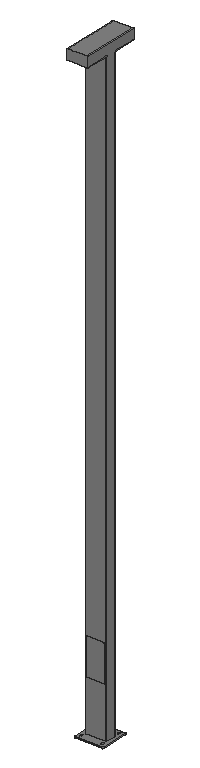
Revit family "Супремус В", category Осветительные приборы, Revit 2019 (continued)
Types (7, lengths in mm): name | Файл фотометрической сетки | built-in parameter 1150105 | Lumens | built-in parameter 1150106 | built-in parameter 1150142 | Wattage | L_общая рассеиватели | ADSK_Фактическая мощность | ADSK_Размер_Высота | ADSK_Номинальная мощность | ADSK_Наименование | ADSK_Масса_Текст | ADSK_Масса | ADSK_Артикул | 2
    8 347.2 349.5 351.6 354.0 356.9 359.7\r\n 362.4 365.6 367.8 369.4 372.0 374.4 376.6 378.5 380.1 381.7 383.1 385.2 387.4 389.4 391.3 393.3 395.2 396.7 398.3 399.2 400.1\r\n 401.1 402.0 403.6 405.2 407.2 409.2 410.2 411.7 413.4 414.7 416.0 417.0 417.8 417.8 416.8 414.8 412.3 410.0 407.1 403.0 397.9\r\n 392.1 385.6 378.3 370.7 363.5 356.1 349.1 342.8 337.4 332.5 328.5 324.8 320.4 315.5 310.0 305.0 299.7 293.1 284.6 273.4 260.3\r\n 245.3 228.2 208.9 188.3 167.9 149.8 132.5 115.7 99.6 82.5 64.0 51.6 39.5 31.9 26.4 22.1 19.3 17.1 15.5 14.0 12.6 11.3 10.3 9.3\r\n 8.4 7.6 6.8 6.2 5.6 5.1 4.4 3.9 3.6 3.2 2.8 2.4 2.2 1.9 1.6 1.3 1.2 0.9 0.8 0.7 0.6 0.6 0.6 0.7 0.7 0.7 0.7 0.7 0.7 0.8 0.0 0.0\r\n 0.0 0.0 0.0 0.0 0.0 0.0 0.0 0.0 0.0 0.0 0.0 0.0 0.0 0.0 0.0 0.0 0.0 0.0 0.0 0.0 0.0 0.0 0.0 0.0 0.0 0.0 0.0 0.0 0.0 0.0 0.0 0.0\r\n 0.0 0.0 0.0 0.0 0.0 0.0 0.0 0.0 0.0 0.0 0.0 0.0 0.0 0.0 0.0 0.0 0.0 0.0 0.0 0.0 0.0 0.0 0.0 0.0 0.0 0.0 0.0 0.0 0.0 0.0 0.0 0.0\r\n 0.0 0.0 0.0 0.0 0.0 0.0 0.0 0.0 0.0 0.0 0.0 0.0 0.0 0.0 0.0 0.0 0.0 0.0 0.0 0.0 0.0 0.0 0.0 0.0 0.0 0.0 0.0 0.0 0.0 0.0 0.0 0.0\r\n 0.0 0.0 0.0 0.0 0.0 0.0 0.0 0.0 0.0 0.0 0.0 0.0 0.0 0.0 0.0 0.0 0.0 0.0 0.0 0.0 0.0 0.0 0.0 0.0 0.0 0.0 0.0 0.0 0.0 0.0 0.0 0.0\r\n 0.0 0.0 0.0 0.0 0.0 0.0 0.0 0.0 0.0 0.0 0.0 0.0 0.0 0.0 0.0 0.0 0.0 0.0 0.0 0.0 0.0 0.0 0.0 0.0 0.0 0.0 0.0 0.0 0.0 0.0\r\n275.6 275.9 275.9 275.9 276.1 276.2 276.1 276.0 275.6 275.4 275.3 274.9 274.7 274.4 274.1 273.9 273.5 273.1 272.7 272.5 272.2\r\n 271.9 271.8 271.5 271.3 271.2 271.0 270.9 271.0 270.9 271.1 271.3 271.5 271.8 272.3 272.7 273.5 273.9 274.7 275.3 276.3 277.2\r\n 277.9 278.9 280.0 281.0 282.0 283.2 284.2 285.2 286.5 287.6 288.8 290.0 291.1 292.4 293.7 295.0 296.4 297.6 299.1 300.6 302.0\r\n 303.6 305.0 306.7 308.3 310.0 311.8 313.6 315.4 317.0 319.0 320.9 322.9 324.9 327.0 328.8 330.8 332.9 335.0 337.3 339.9 342.5\r\n 344.8 347.5 349.7 350.2 352.0 353.9 355.1 356.5 357.5 358.5 359.3 360.6 362.1 363.6 365.1 366.6 368.0 369.8 371.6 372.9 374.0\r\n 374.7 376.0 377.3 378.9 380.4 381.5 382.5 383.8 385.1 386.3 386.8 387.7 388.6 389.1 389.2 388.7 387.5 386.3 384.6 382.1 378.5\r\n 374.1 368.3 362.7 357.3 351.5 345.7 340.1 334.9 329.5 323.9 319.0 314.5 309.7 305.3 300.4 295.4 289.8 282.5 273.4 262.4 249.6\r\n 235.5 219.0 200.0 180.6 161.7 144.4 127.0 109.6 93.3 75.9 58.4 44.9 34.5 26.9 21.5 17.7 15.4 13.7 12.3 11.1 10.0 9.0 8.2 7.4 6.8\r\n 6.2 5.7 5.2 4.8 4.4 3.9 3.5 3.2 2.8 2.5 2.2 2.0 1.8 1.5 1.4 1.2 1.0 0.8 0.8 0.7 0.7 0.7 0.7 0.8 0.8 0.8 0.8 0.8 0.8 0.0 0.0 0.0\r\n 0.0 0.0 0.0 0.0 0.0 0.0 0.0 0.0 0.0 0.0 0.0 0.0 0.0 0.0 0.0 0.0 0.0 0.0 0.0 0.0 0.0 0.0 0.0 0.0 0.0 0.0 0.0 0.0 0.0 0.0 0.0 0.0\r\n 0.0 0.0 0.0 0.0 0.0 0.0 0.0 0.0 0.0 0.0 0.0 0.0 0.0 0.0 0.0 0.0 0.0 0.0 0.0 0.0 0.0 0.0 0.0 0.0 0.0 0.0 0.0 0.0 0.0 0.0 0.0 0.0\r\n 0.0 0.0 0.0 0.0 0.0 0.0 0.0 0.0 0.0 0.0 0.0 0.0 0.0 0.0 0.0 0.0 0.0 0.0 0.0 0.0 0.0 0.0 0.0 0.0 0.0 0.0 0.0 0.0 0.0 0.0 0.0 0.0\r\n 0.0 0.0 0.0 0.0 0.0 0.0 0.0 0.0 0.0 0.0 0.0 0.0 0.0 0.0 0.0 0.0 0.0 0.0 0.0 0.0 0.0 0.0 0.0 0.0 0.0 0.0 0.0 0.0 0.0 0.0 0.0 0.0\r\n 0.0 0.0 0.0 0.0 0.0 0.0 0.0 0.0 0.0 0.0 0.0 0.0 0.0 0.0 0.0 0.0 0.0 0.0 0.0 0.0 0.0 0.0 0.0 0.0 0.0 0.0 0.0 0.0 0.0\r\n275.6 275.5 275.4 275.2 275.1 274.8 274.6 274.2 273.9 273.4 273.0 272.6 272.0 271.5 271.0 270.5 269.9 269.4 269.0 268.4 267.9\r\n 267.5 267.0 266.7 266.4 266.0 265.5 265.3 265.1 264.8 264.7 264.8 264.8 265.0 265.3 265.5 265.9 266.4 266.8 267.3 268.0 268.9\r\n 269.6 270.4 271.2 271.9 272.7 273.8 274.8 275.8 276.9 277.9 279.0 280.1 281.4 282.4 283.5 284.8 286.2 287.5 288.8 290.0 291.5\r\n 293.0 294.1 295.7 297.2 298.7 300.0 301.6 303.2 304.6 306.1 307.7 309.3 311.1 312.7 314.3 315.6 317.0 318.5 320.1 321.9 323.2\r\n 325.1 326.5 328.9 329.6 330.9 332.8 333.4 334.5 335.4 336.1 336.4 337.5 338.5 339.7 340.8 342.3 343.7 345.0 346.3 347.5 348.4\r\n 349.4 350.3 351.4 352.5 353.0 353.4 354.0 354.5 354.8 355.1 355.5 355.2 355.3 355.7 355.8 355.7 355.4 354.7 353.4 352.1 349.8\r\n 346.1 341.5 337.2 332.5 328.3 323.6 319.3 316.1 311.5 306.3 301.9 296.6 291.7 286.0 280.4 274.6 268.5 262.0 253.9 244.5 233.3\r\n 221.2 207.7 192.1 176.5 159.7 142.6 125.5 108.4 91.4 75.0 57.3 42.7 31.6 24.1 18.5 15.1 13.1 11.7 10.6 9.6 8.7 7.9 7.3 6.6 6.1\r\n 5.6 5.1 4.6 4.2 3.7 3.2 2.9 2.7 2.4 2.2 2.1 2.0 1.9 1.7 1.5 1.4 1.2 1.0 1.0 0.9 0.9 0.9 1.0 1.0 1.0 1.1 1.1 1.1 1.2 0.0 0.0 0.0\r\n 0.0 0.0 0.0 0.0 0.0 0.0 0.0 0.0 0.0 0.0 0.0 0.0 0.0 0.0 0.0 0.0 0.0 0.0 0.0 0.0 0.0 0.0 0.0 0.0 0.0 0.0 0.0 0.0 0.0 0.0 0.0 0.0\r\n 0.0 0.0 0.0 0.0 0.0 0.0 0.0 0.0 0.0 0.0 0.0 0.0 0.0 0.0 0.0 0.0 0.0 0.0 0.0 0.0 0.0 0.0 0.0 0.0 0.0 0.0 0.0 0.0 0.0 0.0 0.0 0.0\r\n 0.0 0.0 0.0 0.0 0.0 0.0 0.0 0.0 0.0 0.0 0.0 0.0 0.0 0.0 0.0 0.0 0.0 0.0 0.0 0.0 0.0 0.0 0.0 0.0 0.0 0.0 0.0 0.0 0.0 0.0 0.0 0.0\r\n 0.0 0.0 0.0 0.0 0.0 0.0 0.0 0.0 0.0 0.0 0.0 0.0 0.0 0.0 0.0 0.0 0.0 0.0 0.0 0.0 0.0 0.0 0.0 0.0 0.0 0.0 0.0 0.0 0.0 0.0 0.0 0.0\r\n 0.0 0.0 0.0 0.0 0.0 0.0 0.0 0.0 0.0 0.0 0.0 0.0 0.0 0.0 0.0 0.0 0.0 0.0 0.0 0.0 0.0 0.0 0.0 0.0 0.0 0.0 0.0 0.0 0.0\r\n275.6 275.2 274.8 274.5 274.1 273.7 273.3 272.7 272.1 271.5 270.9 270.2 269.6 268.8 268.0 267.4 266.7 265.9 265.2 264.6 263.9\r\n 263.2 262.7 262.0 261.5 261.0 260.2 259.7 259.3 258.9 258.5 258.2 258.0 257.8 257.9 258.0 258.2 258.5 258.9 259.3 259.7 260.2\r\n 260.6 261.2 261.9 262.6 263.6 264.3 265.1 265.9 266.7 267.6 268.7 269.6 270.4 271.4 272.4 273.6 274.5 275.5 276.7 277.8 278.9\r\n 279.9 281.0 281.9 283.0 284.2 285.3 286.6 287.9 289.1 290.4 291.6 293.0 294.4 295.7 297.0 298.1 299.3 300.3 301.6 303.1 304.5\r\n 305.7 306.4 307.5 308.5 308.8 310.2 310.4 310.8 311.3 311.7 311.7 311.9 312.4 312.9 313.4 314.1 314.9 315.7 316.7 317.8 318.6\r\n 319.6 320.7 321.8 323.0 323.9 324.8 325.4 325.7 325.9 325.9 325.7 325.2 324.1 323.4 322.7 322.4 321.9 321.7 320.8 320.2 318.7\r\n 316.2 312.5 308.6 304.5 300.4 296.1 291.9 288.4 284.8 280.5 276.1 270.5 265.2 259.7 254.2 248.0 241.8 235.6 229.7 222.5 213.7\r\n 203.0 191.4 179.5 166.1 151.6 135.6 119.2 102.1 85.7 71.4 58.3 45.2 32.2 23.9 17.9 14.1 12.0 10.7 9.6 8.7 7.9 7.2 6.6 6.1 5.7 5.2\r\n 4.8 4.4 4.0 3.5 3.2 2.9 2.7 2.5 2.3 2.2 2.1 1.9 1.8 1.6 1.5 1.2 1.0 1.0 0.9 0.9 1.0 1.0 1.0 1.0 1.1 1.1 1.2 1.2 0.0 0.0 0.0 0.0\r\n 0.0 0.0 0.0 0.0 0.0 0.0 0.0 0.0 0.0 0.0 0.0 0.0 0.0 0.0 0.0 0.0 0.0 0.0 0.0 0.0 0.0 0.0 0.0 0.0 0.0 0.0 0.0 0.0 0.0 0.0 0.0 0.0\r\n 0.0 0.0 0.0 0.0 0.0 0.0 0.0 0.0 0.0 0.0 0.0 0.0 0.0 0.0 0.0 0.0 0.0 0.0 0.0 0.0 0.0 0.0 0.0 0.0 0.0 0.0 0.0 0.0 0.0 0.0 0.0 0.0\r\n 0.0 0.0 0.0 0.0 0.0 0.0 0.0 0.0 0.0 0.0 0.0 0.0 0.0 0.0 0.0 0.0 0.0 0.0 0.0 0.0 0.0 0.0 0.0 0.0 0.0 0.0 0.0 0.0 0.0 0.0 0.0 0.0\r\n 0.0 0.0 0.0 0.0 0.0 0.0 0.0 0.0 0.0 0.0 0.0 0.0 0.0 0.0 0.0 0.0 0.0 0.0 0.0 0.0 0.0 0.0 0.0 0.0 0.0 0.0 0.0 0.0 0.0 0.0 0.0 0.0\r\n 0.0 0.0 0.0 0.0 0.0 0.0 0.0 0.0 0.0 0.0 0.0 0.0 0.0 0.0 0.0 0.0 0.0 0.0 0.0 0.0 0.0 0.0 0.0 0.0 0.0 0.0 0.0 0.0\r\n275.6 275.2 274.5 274.0 273.4 272.7 272.1 271.4 270.5 269.9 269.0 268.1 267.4 266.4 265.5 264.6 263.7 262.7 261.8 261.0 260.0\r\n 259.0 258.2 257.4 256.6 255.8 255.1 254.4 253.6 253.0 252.5 251.7 250.9 250.6 250.4 250.0 249.8 249.9 250.2 250.3 250.3 250.4\r\n 250.6 250.8 251.3 251.7 252.2 252.6 253.0 253.6 254.0 254.3 254.9 255.4 255.9 256.6 257.1 257.7 258.1 258.8 259.4 260.0 260.6\r\n 261.5 262.0 262.7 263.2 264.0 264.8 265.6 266.5 267.4 268.5 269.4 270.1 270.9 271.8 272.7 273.5 274.3 275.1 276.2 277.2 278.4\r\n 279.3 280.0 280.5 281.4 282.5 283.0 283.9 284.0 284.3 284.8 285.1 284.9 284.9 285.3 285.8 286.0 286.3 286.7 287.1 287.7 288.3\r\n 289.0 289.8 290.8 291.9 293.1 294.0 295.0 295.8 296.3 296.6 296.7 296.3 295.7 294.9 293.8 292.9 292.1 291.7 291.1 290.0 289.0\r\n 287.3 284.7 281.3 277.5 273.9 270.2 266.6 262.9 259.0 255.9 252.6 248.2 243.2 238.1 232.5 225.7 218.5 209.9 202.3 196.5 191.3\r\n 185.1 177.2 168.1 157.3 145.9 131.6 117.3 103.1 87.9 74.3 62.3 50.9 40.6 31.5 23.6 17.7 13.9 11.5 10.2 9.1 8.3 7.5 6.8 6.3 5.8\r\n 5.4 5.0 4.6 4.1 3.6 3.2 2.9 2.8 2.6 2.5 2.4 2.4 2.3 2.0 1.6 1.4 1.2 1.0 1.0 0.9 1.0 1.0 1.0 1.1 1.1 1.1 1.2 1.2 1.2 0.0 0.0 0.0\r\n 0.0 0.0 0.0 0.0 0.0 0.0 0.0 0.0 0.0 0.0 0.0 0.0 0.0 0.0 0.0 0.0 0.0 0.0 0.0 0.0 0.0 0.0 0.0 0.0 0.0 0.0 0.0 0.0 0.0 0.0 0.0 0.0\r\n 0.0 0.0 0.0 0.0 0.0 0.0 0.0 0.0 0.0 0.0 0.0 0.0 0.0 0.0 0.0 0.0 0.0 0.0 0.0 0.0 0.0 0.0 0.0 0.0 0.0 0.0 0.0 0.0 0.0 0.0 0.0 0.0\r\n 0.0 0.0 0.0 0.0 0.0 0.0 0.0 0.0 0.0 0.0 0.0 0.0 0.0 0.0 0.0 0.0 0.0 0.0 0.0 0.0 0.0 0.0 0.0 0.0 0.0 0.0 0.0 0.0 0.0 0.0 0.0 0.0\r\n 0.0 0.0 0.0 0.0 0.0 0.0 0.0 0.0 0.0 0.0 0.0 0.0 0.0 0.0 0.0 0.0 0.0 0.0 0.0 0.0 0.0 0.0 0.0 0.0 0.0 0.0 0.0 0.0 0.0 0.0 0.0 0.0\r\n 0.0 0.0 0.0 0.0 0.0 0.0 0.0 0.0 0.0 0.0 0.0 0.0 0.0 0.0 0.0 0.0 0.0 0.0 0.0 0.0 0.0 0.0 0.0 0.0 0.0 0.0 0.0 0.0 0.0\r\n275.6 274.9 274.1 273.4 272.6 271.6 270.9 270.0 269.1 267.9 267.0 266.0 264.9 263.8 262.7 261.5 260.3 259.2 258.0 257.0 255.9\r\n 254.7 253.6 252.7 251.6 250.7 249.7 248.8 247.9 247.1 245.9 244.9 244.2 243.3 242.5 242.0 241.4 241.0 240.6 240.0 239.5 239.2\r\n 238.7 238.6 238.4 238.3 238.1 238.0 237.8 237.8 237.7 237.7 237.5 237.6 237.8 238.0 238.2 238.6 238.9 239.2 239.5 239.7 240.0\r\n 240.4 240.9 241.4 242.1 242.9 243.5 244.3 245.0 245.6 246.3 246.9 247.5 248.1 248.8 249.5 250.2 250.8 251.8 252.6 253.6 254.4\r\n 255.2 255.5 256.3 256.8 257.6 258.5 258.9 259.5 259.7 259.9 260.6 260.8 260.5 260.3 260.4 260.6 260.5 260.5 260.7 260.6 260.5\r\n 260.6 260.6 260.7 261.2 261.8 262.4 263.0 263.8 264.3 264.6 264.7 264.6 264.0 263.4 262.7 262.0 261.2 260.4 259.8 258.8 257.1\r\n 255.2 253.2 250.9 248.1 245.2 242.2 238.9 235.4 231.8 228.0 224.5 221.2 217.6 213.2 208.2 202.7 196.6 189.7 181.9 173.9 167.8\r\n 162.9 158.6 153.5 146.8 139.1 129.4 118.5 106.0 92.3 77.8 64.8 54.3 43.9 36.1 29.8 24.6 20.2 16.1 13.1 11.1 9.6 8.6 7.8 7.2 6.6\r\n 6.1 5.6 5.0 4.5 3.9 3.5 3.2 2.9 2.6 2.4 2.3 2.3 2.1 2.0 1.6 1.5 1.2 1.1 1.0 0.9 1.0 1.0 1.0 1.0 1.1 1.1 1.2 1.2 1.2 0.0 0.0 0.0\r\n 0.0 0.0 0.0 0.0 0.0 0.0 0.0 0.0 0.0 0.0 0.0 0.0 0.0 0.0 0.0 0.0 0.0 0.0 0.0 0.0 0.0 0.0 0.0 0.0 0.0 0.0 0.0 0.0 0.0 0.0 0.0 0.0\r\n 0.0 0.0 0.0 0.0 0.0 0.0 0.0 0.0 0.0 0.0 0.0 0.0 0.0 0.0 0.0 0.0 0.0 0.0 0.0 0.0 0.0 0.0 0.0 0.0 0.0 0.0 0.0 0.0 0.0 0.0 0.0 0.0\r\n 0.0 0.0 0.0 0.0 0.0 0.0 0.0 0.0 0.0 0.0 0.0 0.0 0.0 0.0 0.0 0.0 0.0 0.0 0.0 0.0 0.0 0.0 0.0 0.0 0.0 0.0 0.0 0.0 0.0 0.0 0.0 0.0\r\n 0.0 0.0 0.0 0.0 0.0 0.0 0.0 0.0 0.0 0.0 0.0 0.0 0.0 0.0 0.0 0.0 0.0 0.0 0.0 0.0 0.0 0.0 0.0 0.0 0.0 0.0 0.0 0.0 0.0 0.0 0.0 0.0\r\n 0.0 0.0 0.0 0.0 0.0 0.0 0.0 0.0 0.0 0.0 0.0 0.0 0.0 0.0 0.0 0.0 0.0 0.0 0.0 0.0 0.0 0.0 0.0 0.0 0.0 0.0 0.0 0.0 0.0\r\n275.6 274.7 273.7 272.6 271.7 270.8 269.7 268.7 267.4 266.2 265.1 263.9 262.4 261.3 259.9 258.5 257.2 255.8 254.5 253.2 251.8\r\n 250.4 249.3 248.0 246.8 245.5 244.4 243.1 241.9 240.3 238.9 237.6 236.0 234.7 233.4 232.4 231.2 230.0 228.6 227.5 226.3 225.4\r\n 224.6 223.8 223.1 222.4 221.8 221.1 220.7 220.3 220.1 219.9 219.8 219.8 219.7 219.8 219.9 220.2 220.4 220.6 220.9 221.1 221.4\r\n 222.0 222.6 222.9 223.4 223.7 224.1 224.6 224.9 225.0 225.3 225.3 225.3 225.4 225.6 225.9 226.1 226.2 226.4 226.9 227.3 227.9\r\n 228.4 228.7 228.8 229.1 229.3 229.5 230.1 230.8 230.4 230.2 229.8 229.9 230.0 229.5 228.6 228.0 227.7 227.4 226.9 226.6 226.2\r\n 225.8 225.6 225.4 225.3 225.4 225.5 225.5 225.8 226.1 226.4 226.8 226.6 225.9 225.0 224.1 223.4 223.1 222.7 222.1 221.1 219.6\r\n 217.8 216.1 214.2 211.9 209.6 206.8 203.9 200.7 197.0 193.3 188.9 184.4 179.4 174.3 169.2 163.7 157.6 151.1 144.4 137.2 131.4\r\n 125.5 119.7 116.6 114.3 111.9 107.8 102.8 96.2 88.2 78.4 67.9 57.8 48.5 40.8 34.2 28.7 24.7 21.6 19.0 16.6 14.3 11.7 9.9 8.7 7.8\r\n 7.0 6.4 5.8 5.2 4.7 4.2 3.7 3.4 3.0 2.8 2.6 2.5 2.2 2.0 1.8 1.6 1.5 1.2 1.1 1.0 1.0 1.0 1.0 1.0 1.1 1.1 1.2 1.2 1.2 0.0 0.0 0.0\r\n 0.0 0.0 0.0 0.0 0.0 0.0 0.0 0.0 0.0 0.0 0.0 0.0 0.0 0.0 0.0 0.0 0.0 0.0 0.0 0.0 0.0 0.0 0.0 0.0 0.0 0.0 0.0 0.0 0.0 0.0 0.0 0.0\r\n 0.0 0.0 0.0 0.0 0.0 0.0 0.0 0.0 0.0 0.0 0.0 0.0 0.0 0.0 0.0 0.0 0.0 0.0 0.0 0.0 0.0 0.0 0.0 0.0 0.0 0.0 0.0 0.0 0.0 0.0 0.0 0.0\r\n 0.0 0.0 0.0 0.0 0.0 0.0 0.0 0.0 0.0 0.0 0.0 0.0 0.0 0.0 0.0 0.0 0.0 0.0 0.0 0.0 0.0 0.0 0.0 0.0 0.0 0.0 0.0 0.0 0.0 0.0 0.0 0.0\r\n 0.0 0.0 0.0 0.0 0.0 0.0 0.0 0.0 0.0 0.0 0.0 0.0 0.0 0.0 0.0 0.0 0.0 0.0 0.0 0.0 0.0 0.0 0.0 0.0 0.0 0.0 0.0 0.0 0.0 0.0 0.0 0.0\r\n 0.0 0.0 0.0 0.0 0.0 0.0 0.0 0.0 0.0 0.0 0.0 0.0 0.0 0.0 0.0 0.0 0.0 0.0 0.0 0.0 0.0 0.0 0.0 0.0 0.0 0.0 0.0 0.0 0.0\r\n275.6 274.6 273.4 272.1 271.1 269.8 268.5 267.3 266.0 264.4 263.0 261.6 260.1 258.8 257.1 255.6 254.0 252.5 251.0 249.5 247.9\r\n 246.5 244.8 243.1 241.4 239.7 238.0 236.4 234.5 232.3 230.5 228.7 226.9 224.8 223.1 221.6 219.9 218.2 216.4 214.9 213.4 212.4\r\n 211.4 210.5 209.4 208.6 208.0 207.3 206.6 206.1 205.7 205.5 205.2 205.0 204.9 204.4 204.3 204.2 204.2 204.0 204.0 204.1 204.1\r\n 203.9 203.8 203.8 203.4 203.3 203.0 202.6 202.3 201.7 201.2 200.7 199.9 199.2 198.8 198.2 197.8 197.1 196.7 196.3 196.0 195.8\r\n 195.8 195.7 195.7 195.5 195.5 195.4 195.3 195.3 195.4 195.5 195.0 194.3 194.0 193.8 193.5 192.7 191.5 190.9 190.5 189.9 189.4\r\n 188.9 188.5 188.2 187.9 187.7 187.4 187.2 187.0 187.1 187.0 186.8 186.7 186.5 186.2 185.5 184.8 184.0 183.3 182.8 181.7 180.7\r\n 179.5 178.0 176.6 175.4 174.2 172.8 171.0 169.2 167.1 164.8 162.5 159.4 155.3 150.6 145.3 139.8 134.3 128.4 122.4 115.1 107.4\r\n 99.8 93.2 88.1 84.4 81.5 78.5 75.9 73.3 70.2 65.2 60.2 55.2 49.6 44.0 38.8 33.8 29.2 25.2 22.1 19.6 17.3 15.4 13.8 12.2 10.6 9.1\r\n 8.1 7.3 6.6 5.9 5.2 4.7 4.2 3.8 3.4 3.1 2.8 2.6 2.3 2.0 1.8 1.6 1.5 1.5 1.3 1.3 1.2 1.1 1.1 1.1 1.1 1.1 1.1 1.2 0.0 0.0 0.0 0.0\r\n 0.0 0.0 0.0 0.0 0.0 0.0 0.0 0.0 0.0 0.0 0.0 0.0 0.0 0.0 0.0 0.0 0.0 0.0 0.0 0.0 0.0 0.0 0.0 0.0 0.0 0.0 0.0 0.0 0.0 0.0 0.0 0.0\r\n 0.0 0.0 0.0 0.0 0.0 0.0 0.0 0.0 0.0 0.0 0.0 0.0 0.0 0.0 0.0 0.0 0.0 0.0 0.0 0.0 0.0 0.0 0.0 0.0 0.0 0.0 0.0 0.0 0.0 0.0 0.0 0.0\r\n 0.0 0.0 0.0 0.0 0.0 0.0 0.0 0.0 0.0 0.0 0.0 0.0 0.0 0.0 0.0 0.0 0.0 0.0 0.0 0.0 0.0 0.0 0.0 0.0 0.0 0.0 0.0 0.0 0.0 0.0 0.0 0.0\r\n 0.0 0.0 0.0 0.0 0.0 0.0 0.0 0.0 0.0 0.0 0.0 0.0 0.0 0.0 0.0 0.0 0.0 0.0 0.0 0.0 0.0 0.0 0.0 0.0 0.0 0.0 0.0 0.0 0.0 0.0 0.0 0.0\r\n 0.0 0.0 0.0 0.0 0.0 0.0 0.0 0.0 0.0 0.0 0.0 0.0 0.0 0.0 0.0 0.0 0.0 0.0 0.0 0.0 0.0 0.0 0.0 0.0 0.0 0.0 0.0 0.0\r\n275.6 274.4 273.0 271.7 270.3 269.0 267.5 266.1 264.5 262.9 261.3 259.7 258.0 256.4 254.6 252.9 251.3 249.4 247.8 245.9 244.0\r\n 242.0 240.0 237.8 235.5 233.2 231.0 228.7 226.1 223.7 221.8 219.6 217.5 215.5 213.8 212.3 210.5 208.7 206.9 205.4 203.9 202.7\r\n 201.5 200.2 199.0 197.6 196.3 195.0 193.6 192.4 191.5 190.5 189.6 188.9 188.3 187.4 186.7 186.2 185.6 185.1 184.4 183.7 183.0\r\n 182.0 181.1 180.1 179.2 178.2 176.9 175.7 174.6 173.5 172.6 171.7 170.9 170.0 169.0 168.3 167.4 166.6 165.9 165.1 164.3 163.6\r\n 162.7 161.8 161.2 160.3 159.6 159.0 158.3 157.4 156.7 156.1 155.4 154.8 154.4 153.4 152.6 152.1 151.6 150.6 149.5 148.3 147.4\r\n 146.6 145.5 144.7 143.8 143.0 142.4 142.0 141.7 141.4 141.3 141.2 141.1 140.9 140.5 140.0 139.4 138.7 138.1 137.5 136.9 136.1\r\n 135.1 134.4 133.6 132.6 131.9 130.8 129.3 128.1 127.1 125.5 124.1 122.5 120.8 118.8 116.6 113.6 110.3 106.0 101.5 96.1 90.3 84.8\r\n 78.4 71.8 65.7 60.8 56.8 53.2 50.0 47.0 44.8 43.3 41.9 40.1 37.9 35.8 33.8 32.0 30.2 28.2 26.1 24.0 21.7 19.4 17.3 15.6 14.1 12.7\r\n 11.4 10.3 9.3 8.3 7.4 6.3 5.1 4.4 4.0 3.6 3.1 2.7 2.4 2.2 2.0 1.9 2.1 1.9 1.9 1.6 1.4 1.3 1.2 1.1 1.2 1.2 1.2 0.0 0.0 0.0 0.0 0.0\r\n 0.0 0.0 0.0 0.0 0.0 0.0 0.0 0.0 0.0 0.0 0.0 0.0 0.0 0.0 0.0 0.0 0.0 0.0 0.0 0.0 0.0 0.0 0.0 0.0 0.0 0.0 0.0 0.0 0.0 0.0 0.0 0.0\r\n 0.0 0.0 0.0 0.0 0.0 0.0 0.0 0.0 0.0 0.0 0.0 0.0 0.0 0.0 0.0 0.0 0.0 0.0 0.0 0.0 0.0 0.0 0.0 0.0 0.0 0.0 0.0 0.0 0.0 0.0 0.0 0.0\r\n 0.0 0.0 0.0 0.0 0.0 0.0 0.0 0.0 0.0 0.0 0.0 0.0 0.0 0.0 0.0 0.0 0.0 0.0 0.0 0.0 0.0 0.0 0.0 0.0 0.0 0.0 0.0 0.0 0.0 0.0 0.0 0.0\r\n 0.0 0.0 0.0 0.0 0.0 0.0 0.0 0.0 0.0 0.0 0.0 0.0 0.0 0.0 0.0 0.0 0.0 0.0 0.0 0.0 0.0 0.0 0.0 0.0 0.0 0.0 0.0 0.0 0.0 0.0 0.0 0.0\r\n 0.0 0.0 0.0 0.0 0.0 0.0 0.0 0.0 0.0 0.0 0.0 0.0 0.0 0.0 0.0 0.0 0.0 0.0 0.0 0.0 0.0 0.0 0.0 0.0 0.0 0.0 0.0\r\n275.6 274.2 272.5 271.1 269.7 268.0 266.5 264.8 263.0 261.3 259.6 257.7 255.8 254.0 252.2 250.3 248.2 246.3 244.2 241.8 239.5\r\n 236.9 234.2 231.3 228.6 225.9 223.4 220.9 218.2 215.8 213.9 212.1 210.2 208.3 206.6 204.9 203.1 200.8 198.8 196.8 194.9 193.1\r\n 191.4 189.6 187.9 186.1 184.2 182.6 180.8 179.1 177.3 175.6 174.0 172.2 170.5 168.
